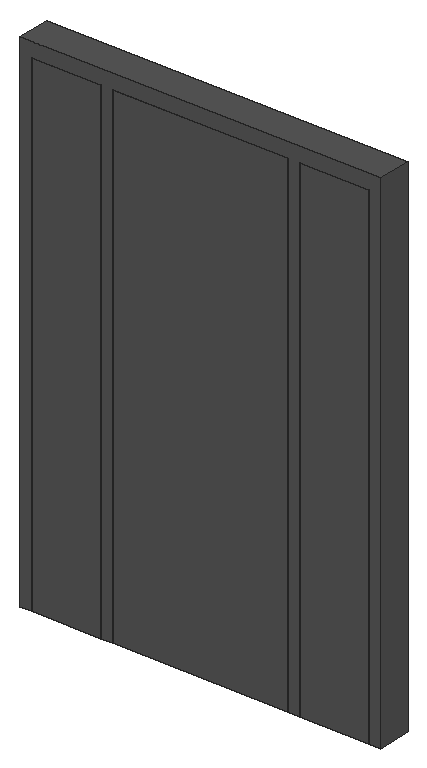
Revit family "86R Recessed Wall Pocket", category Furniture, host Wall, Revit 2020
Family settings
  Host = Wall
  Always vertical = Yes
  Cut with Voids When Loaded = No
  Shared = No
  Room Calculation Point = No
Parameters (values of type "86R Recessed Wall Pocket 1X (Single)")
  Top [instance] = Laminate, Non-Logo
  Model = "86R031412"
  Frame [instance] = Frame, Powder Coat, Black
  Depth = 0' - 5 1/2"
  Table Closed [instance] = yes
  Default Elevation = 0' - 0"
  Bench [instance] = Laminate, Non-Logo
Types (4): name | Model | Depth | Table Closed
  86R Recessed Wall Pocket 1X (Single) | "86R031412" | 0' - 5 1/2" | yes
  86R Recessed Wall Pocket 2X (Double) | "86R031424" | 0' - 11 1/16" | no
  86R Recessed Wall Pocket 3X (Triple) | "86R031436" | 1' - 4 27/32" | no
  86R Recessed Wall Pocket 4X (Quadruple) | "86R031448" | 1' - 10 7/16" | no
Reference planes (in)
  plane 1: y = 0
  plane 2 "Center (Left/Right)": x = 0
  plane 3 "Wall Edge": y = 3
  plane 4: y = -2.5
  plane 5: y = 3.1875
  plane 6: y = -2.25
Forms (in)
  Extrusion 1, solid, material "Frame, Powder Coat, Black" <- "Frame"
    sketch origin (0, 3, 0) x (1, 0, 0) y (0, 0, 1)
      loop
        line (30.89063, 87.234) -> (-30.82812, 87.234) -> (-30.82812, 0) -> (-28.82812, 0) -> (-28.82812, 84.734) -> (-16.98437, 84.734) -> (-16.98437, 0) -> (-14.92187, 0) -> (-14.92187, 84.734) -> (14.92188, 84.734) -> (14.92188, 0) -> (16.98438, 0) -> (16.98438, 84.734) -> (28.82813, 84.734) -> (28.82813, 0) -> (30.89063, 0) -> (30.89063, 87.234)
    from 5.5 to -0.1875
  Extrusion 2, solid, material "Frame, Powder Coat, Black" <- "Frame"
    sketch origin (0, 3, 0) x (1, 0, 0) y (0, 0, 1)
      loop
        line (28.82813, 84.734) -> (16.98438, 84.734) -> (16.98438, 0) -> (28.82813, 0) -> (28.82813, 84.734)
      loop
        line (14.92188, 84.734) -> (-14.92187, 84.734) -> (-14.92187, 0) -> (14.92188, 0) -> (14.92188, 84.734)
      loop
        line (-16.98437, 84.734) -> (-28.82812, 84.734) -> (-28.82812, 0) -> (-16.98437, 0) -> (-16.98437, 84.734)
    from 5.25 to 5.5
  Extrusion 3, solid, material "Laminate, Non-Logo" <- "Top", visible <- "Table Closed"
    sketch origin (0, 3, 0) x (1, 0, 0) y (0, 0, 1)
      loop
        line (14.17188, 84.484) -> (-14.17187, 84.484)
        arc (-14.17187, 84.484) -> (-14.52543, 84.33755) -> (-14.67187, 83.984) r 0.5
        line (-14.67187, 83.984) -> (-14.67187, 0.75)
        arc (-14.67187, 0.75) -> (-14.52543, 0.39645) -> (-14.17187, 0.25) r 0.5
        line (-14.17187, 0.25) -> (14.17188, 0.25)
        arc (14.17188, 0.25) -> (14.52543, 0.39645) -> (14.67188, 0.75) r 0.5
        line (14.67188, 0.75) -> (14.67188, 83.984)
        arc (14.67188, 83.984) -> (14.52543, 84.33755) -> (14.17188, 84.484) r 0.5
    from 0 to 0.8125
  Extrusion 4, solid, material "Laminate, Non-Logo" <- "Bench", visible <- "Table Closed"
    sketch origin (0, 3, 0) x (1, 0, 0) y (0, 0, 1)
      loop
        arc (-28.07812, 84.484) -> (-28.43168, 84.33755) -> (-28.57812, 83.984) r 0.5
        line (-28.57812, 83.984) -> (-28.57812, 0.75)
        arc (-28.57812, 0.75) -> (-28.43168, 0.39645) -> (-28.07812, 0.25) r 0.5
        line (-28.07812, 0.25) -> (-17.73437, 0.25)
        arc (-17.73437, 0.25) -> (-17.38082, 0.39645) -> (-17.23437, 0.75) r 0.5
        line (-17.23437, 0.75) -> (-17.23437, 83.984)
        arc (-17.23437, 83.984) -> (-17.38082, 84.33755) -> (-17.73437, 84.484) r 0.5
        line (-17.73437, 84.484) -> (-28.07812, 84.484)
      loop
        arc (17.73438, 84.484) -> (17.38082, 84.33755) -> (17.23438, 83.984) r 0.5
        line (17.23438, 83.984) -> (17.23438, 0.75)
        arc (17.23438, 0.75) -> (17.38082, 0.39645) -> (17.73438, 0.25) r 0.5
        line (17.73438, 0.25) -> (28.07813, 0.25)
        arc (28.07813, 0.25) -> (28.43168, 0.39645) -> (28.57813, 0.75) r 0.5
        line (28.57813, 0.75) -> (28.57813, 83.984)
        arc (28.57813, 83.984) -> (28.43168, 84.33755) -> (28.07813, 84.484) r 0.5
        line (28.07813, 84.484) -> (17.73438, 84.484)
    from 0 to 0.8125
Lines and regions (in)
  Opening 1
    outline origin (-60, -3, 0) x (1, 0, 0) y (0, 0, 1)
      loop
        line (90.89063, 87.234) -> (29.17188, 87.234) -> (29.17188, 0) -> (90.89063, 0) -> (90.89063, 87.234)
Text (in)
  text "Placement Side" at (0, 40.15149, 123.01588), in view "Right"
  text "Placement Side" at (-70.3804, 28.46503, 0), in view "Ref. Level"
  text "Placement Side" at (0, 81.62555, 140.59947), in view "Left"
Dimensions and locks (in)
  locked: plane 3 "Wall Edge" to host wall
  "Depth": host wall to plane 4
  locked: plane 5 to host wall at 0.1875
  locked: plane 6 to plane 4 at 0.25
  aligned and locked: Extrusion 1 to plane 4
  aligned and locked: Extrusion 2 to plane 4
  aligned and locked: plane 6 to Extrusion 2
  aligned and locked: Extrusion 4 to Extrusion 3  (x2)
Automatic sketch dimensions
  Extrusion 1 sketch curve to level = 0' - 0"  (x4)
  Extrusion 1 sketch curve to plane 2 "Center (Left/Right)" = 2' - 6 53/64"
  Extrusion 1 sketch curve to Extrusion 1 sketch curve = 0' - 2"
  Extrusion 1 sketch curve to Extrusion 1 sketch curve = 0' - 11 27/32"  (x2)
  Extrusion 1 sketch curve to Extrusion 1 sketch curve = 0' - 2 1/16"  (x3)
  plane 2 "Center (Left/Right)" to Extrusion 1 sketch curve = 1' - 2 59/64"
  level to Extrusion 1 sketch curve = 7' - 0.734"
  Extrusion 1 sketch curve to Extrusion 1 sketch curve = 0' - 0"  (x2)
  Extrusion 1 sketch curve to Extrusion 1 sketch curve = 0' - 2 1/2"
  Extrusion 2 sketch curve to level = 0' - 0"  (x3)
  Extrusion 2 sketch curve to plane 2 "Center (Left/Right)" = 2' - 4 53/64"
  Extrusion 2 sketch curve to Extrusion 2 sketch curve = 0' - 11 27/32"  (x2)
  Extrusion 2 sketch curve to Extrusion 2 sketch curve = 0' - 2 1/16"  (x2)
  plane 2 "Center (Left/Right)" to Extrusion 2 sketch curve = 1' - 2 59/64"
  level to Extrusion 2 sketch curve = 7' - 0.734"
  Extrusion 2 sketch curve to Extrusion 2 sketch curve = 0' - 0"  (x2)
  Opening 1 sketch curve to level = 0' - 0"
  Opening 1 sketch curve to plane 2 "Center (Left/Right)" = 2' - 6 53/64"
  plane 2 "Center (Left/Right)" to Opening 1 sketch curve = 2' - 6 57/64"
  level to Opening 1 sketch curve = 7' - 3.234"
  level to Extrusion 3 sketch curve = 0' - 0 3/4"
  Extrusion 3 sketch curve to plane 2 "Center (Left/Right)" = 1' - 2 43/64"
  Extrusion 3 sketch curve to Extrusion 3 sketch curve = 0' - 0 1/2"  (x3)
  plane 2 "Center (Left/Right)" to Extrusion 3 sketch curve = 1' - 2 11/64"  (x2)
  Extrusion 3 sketch curve to Extrusion 3 sketch curve = 6' - 11.234"
  level to Extrusion 4 sketch curve = 0' - 0 3/4"  (x3)
  Extrusion 4 sketch curve to plane 2 "Center (Left/Right)" = 2' - 4 37/64"
  Extrusion 4 sketch curve to Extrusion 4 sketch curve = 0' - 0 1/2"  (x5)
  Extrusion 4 sketch curve to Extrusion 4 sketch curve = 0' - 10 11/32"  (x4)
  Extrusion 4 sketch curve to Extrusion 4 sketch curve = 6' - 11.234"
  plane 2 "Center (Left/Right)" to Extrusion 4 sketch curve = 1' - 5 15/64"
  Extrusion 4 sketch curve to Extrusion 4 sketch curve = 0' - 0"
